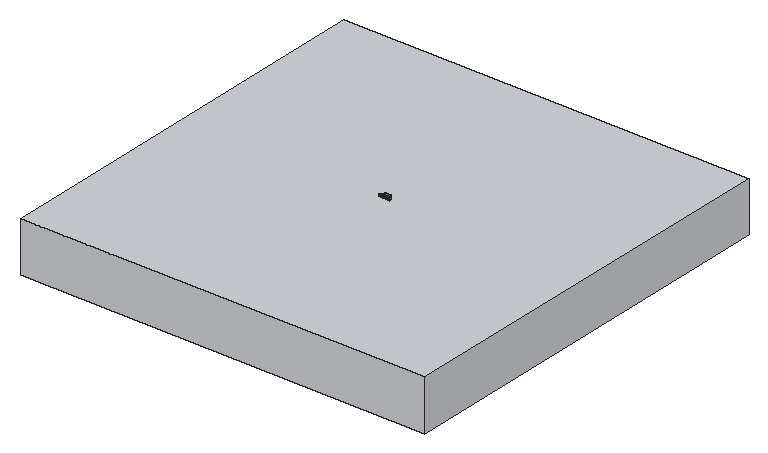
Revit family "2CKA001761A1490", category Elektroinstallationen, Revit 2017
Family settings
  Basisbauteil = Fläche
  Beschriftungsausrichtung beibehalten = Nein
  Bemaßung runder Anschluss = Durchmesser verwenden
  Teiletyp = Normal
  Beim Laden mit Abzugskörper schneiden = Nein
  Gemeinsam genutzt = Nein
  Raumberechnungspunkt = Nein
Parameters
  Default Elevation = 1219.2 mm
  URL = "https://www.busch-jaeger.de/"
  Typname = "Leitungsdurchführung, blaugrün, Aufputz IP 44, Zubehör ocean und Sondergeräte"
  TYPE = "2138 W-53"
  Produktseite = "https://media.live.bim.site/t/eyJhbGciOiJIUzI1NiIsInR5cCI6IkpXVCJ9.eyJjdCI6MiwidHUiOiJodHRwOi8vYnVzY2gtamFlZ2VyLWthdGFsb2cuZGUvMTc2MS0wLTE0OTAsYXJ0aWtlbC5odG1sIiwiY2lkIjoiZmVkOThlOWEtMWJkOC00YzY4LWE3M2ItNzRhOTRlMzE1ODIzIiwicmlkIjoiYmQyNzhiNDFjYzZiMjgyZGNkYzBiYmZiM2U4Njg5OTciLCJwaWQiOiIyMWYwNWQ4YjliOWYyODBjN2RjYzlkYzdkNzE1ZWQyMDRmNzVlZmFmIiwic2lkIjoiNjM3MzIiLCJ1dCI6MSwibGMiOiJkZSIsImlhdCI6MTU4MjE5NTIwNiwiaXNzIjoiaHR0cHM6Ly9hcGkubGl2ZS5iaW0uc2l0ZSIsInN1YiI6ImY1ODZjNGI2LWE1MDgtNDI3YS05ODE4LTEzMTc5NjY1NzZiYyJ9.fJu327-JLRf62UC2eY6_27LUVxxXIjy6NlD0Pq6gqt0"
  Ist Zubehör = no
  Ist System = no
  Hersteller = "Busch-Jaeger"
  HeinzeBIM = "https://www.heinze.de/bim/leitungsdurchfuehrung-blaugruen-aufputz-ip-44-zubehoer-ocean-und-sondergeraete/21f05d8b9b9f280c7dcc9dc7d715ed204f75efaf"
  HAN = "2CKA001761A1490"
  Gewicht [kg/m] = 0.008
  Gerätetiefe [mm] = 24
  Gerätehöhe [mm] = 16
  Gerätebreite [mm] = 67
  GTIN = "4011395993057"
  Farbe = "blaugrün"
  Datenblatt = "https://media.live.bim.site/t/eyJhbGciOiJIUzI1NiIsInR5cCI6IkpXVCJ9.eyJjdCI6MSwidGYiOiJwdWJsaWMvYnVzY2gtamFlZ2VyL2VhZjFmM2IvMkNLQTAwMTc2MUExNDkwX1JPSFNfMjAxOV8xMF8wNy5wZGYiLCJjaWQiOiJmZWQ5OGU5YS0xYmQ4LTRjNjgtYTczYi03NGE5NGUzMTU4MjMiLCJyaWQiOiJiZDI3OGI0MWNjNmIyODJkY2RjMGJiZmIzZTg2ODk5NyIsInBpZCI6IjIxZjA1ZDhiOWI5ZjI4MGM3ZGNjOWRjN2Q3MTVlZDIwNGY3NWVmYWYiLCJzaWQiOiI2MzczMiIsInV0IjoxLCJsYyI6ImRlIiwiaWF0IjoxNTgyMTk1MjA2LCJpc3MiOiJodHRwczovL2FwaS5saXZlLmJpbS5zaXRlIiwic3ViIjoiZjU4NmM0YjYtYTUwOC00MjdhLTk4MTgtMTMxNzk2NjU3NmJjIn0.EPX4gEH48YTe2G46JiLfVibVW5UxfIhi_tMvid3q8fc/2CKA001761A1490_ROHS_2019_10_07.pdf"
  Beschreibung = "Leitungsdurchführung, blaugrün, Aufputz IP 44, Zubehör ocean und Sondergeräte, Leitungsdurchführung Verbindungsstück zum Koppeln mehrerer Geräte Schutzart Gerät: IP 44"
  BIMSITE_PRODUCT_ID = "21f05d8b9b9f280c7dcc9dc7d715ed204f75efaf"
  BIM = "https://media.live.bim.site/t/eyJhbGciOiJIUzI1NiIsInR5cCI6IkpXVCJ9.eyJjdCI6MSwidGYiOiJwdWJsaWMvYnVzY2gtamFlZ2VyL2VhZjFmM2IvMkNLQTAwMTc2MUExNDkwLnJmYSIsImNpZCI6ImZlZDk4ZTlhLTFiZDgtNGM2OC1hNzNiLTc0YTk0ZTMxNTgyMyIsInJpZCI6ImJkMjc4YjQxY2M2YjI4MmRjZGMwYmJmYjNlODY4OTk3IiwicGlkIjoiMjFmMDVkOGI5YjlmMjgwYzdkY2M5ZGM3ZDcxNWVkMjA0Zjc1ZWZhZiIsInNpZCI6IjYzNzMyIiwidXQiOjUsImxjIjoiZGUiLCJpYXQiOjE1ODIxOTUyMDYsImlzcyI6Imh0dHBzOi8vYXBpLmxpdmUuYmltLnNpdGUiLCJzdWIiOiJmNTg2YzRiNi1hNTA4LTQyN2EtOTgxOC0xMzE3OTY2NTc2YmMifQ.1DuEDN5H-UJ05ZtQGClfA_xGBJXM2OjDr3BjCkZamE8/2CKA001761A1490.rfa"
Reference planes
  plane 1 "Center (Front/Back)": y = 0
  plane 2: z = 0
  plane 3 "Center (Left/Right)": x = 0
Forms (mm)
  Extrusion 1, solid
    sketch origin (0, 0, 0) x (1, 0, 0) y (0, 1, 0)
      loop
        line (-1219.2, 1219.2) -> (-1219.2, -1219.2) -> (1219.2, -1219.2) -> (1219.2, 1219.2) -> (-1219.2, 1219.2)
    from 0 to -304.8
  Extrusion 2, solid, material "Blue", detail levels fine
    sketch origin (0, 0, 0) x (1, 0, 0) y (0, 1, 0)
      loop
        line (-33.5, 4) -> (-33.5, 0) -> (33.5, 0) -> (33.5, 4) -> (-33.5, 4)
    from 2 to 7
  Extrusion 3, solid, material "Blue", detail levels fine
    sketch origin (0, 0, 0) x (1, 0, 0) y (0, 1, 0)
      loop
        line (-33.5, 4) -> (-33.5, 0) -> (33.5, 0) -> (33.5, 4) -> (-33.5, 4)
    from 9 to 14
  Extrusion 4, solid, material "Blue", detail levels fine
    sketch origin (0, 0, 0) x (1, 0, 0) y (0, 1, 0)
      loop
        line (-30.381, 2) -> (30.381, 2)
        arc (30.381, 2) -> (0, 28) -> (-30.381, 2) r 30.75
      loop
        line (-11.456, 4) -> (11.456, 4)
        arc (11.456, 4) -> (13.668, 4.973) -> (14.445, 7.261) r 3
        arc (14.445, 7.261) -> (0, 20.5) -> (-14.445, 7.261) r 14.5
        arc (-14.445, 7.261) -> (-13.668, 4.973) -> (-11.456, 4) r 3
    from 4 to 7
  Extrusion 5, solid, material "Blue", detail levels fine
    sketch origin (0, 0, 0) x (1, 0, 0) y (0, 1, 0)
      loop
        line (-30.381, 2) -> (30.381, 2)
        arc (30.381, 2) -> (0, 28) -> (-30.381, 2) r 30.75
      loop
        line (-11.456, 4) -> (11.456, 4)
        arc (11.456, 4) -> (13.668, 4.973) -> (14.445, 7.261) r 3
        arc (14.445, 7.261) -> (0, 20.5) -> (-14.445, 7.261) r 14.5
        arc (-14.445, 7.261) -> (-13.668, 4.973) -> (-11.456, 4) r 3
    from 9 to 12
  Extrusion 6, solid, material "Blue", detail levels fine
    sketch origin (0, 0, 0) x (1, 0, 0) y (0, 1, 0)
      loop
        arc (25.308, 2) -> (0, 23) -> (-25.308, 2) r 25.75
        line (-25.308, 2) -> (25.308, 2)
      loop
        arc (-14.445, 7.261) -> (-13.668, 4.973) -> (-11.456, 4) r 3
        line (-11.456, 4) -> (11.456, 4)
        arc (11.456, 4) -> (13.668, 4.973) -> (14.445, 7.261) r 3
        arc (14.445, 7.261) -> (0, 20.5) -> (-14.445, 7.261) r 14.5
    from 7 to 9
  Extrusion 7, solid, material "Blue", detail levels fine
    sketch origin (0, 0, 0) x (1, 0, 0) y (0, 1, 0)
      loop
        arc (-14.486, 26) -> (-16.494, 25.229) -> (-17.47, 23.314) r 3
        line (-17.47, 23.314) -> (-19.71, 2) -> (19.71, 2) -> (17.47, 23.314)
        arc (17.47, 23.314) -> (16.494, 25.229) -> (14.486, 26) r 3
        line (14.486, 26) -> (-14.486, 26)
      loop
        arc (-14.445, 7.261) -> (-13.668, 4.973) -> (-11.456, 4) r 3
        line (-11.456, 4) -> (11.456, 4)
        arc (11.456, 4) -> (13.668, 4.973) -> (14.445, 7.261) r 3
        arc (14.445, 7.261) -> (0, 20.5) -> (-14.445, 7.261) r 14.5
    from 12 to 16
  Extrusion 8, solid, material "Blue", detail levels fine
    sketch origin (0, 0, 0) x (1, 0, 0) y (0, 1, 0)
      loop
        arc (-14.486, 26) -> (-16.494, 25.229) -> (-17.47, 23.314) r 3
        line (-17.47, 23.314) -> (-19.71, 2) -> (19.71, 2) -> (17.47, 23.314)
        arc (17.47, 23.314) -> (16.494, 25.229) -> (14.486, 26) r 3
        line (14.486, 26) -> (-14.486, 26)
      loop
        arc (-14.445, 7.261) -> (-13.668, 4.973) -> (-11.456, 4) r 3
        line (-11.456, 4) -> (11.456, 4)
        arc (11.456, 4) -> (13.668, 4.973) -> (14.445, 7.261) r 3
        arc (14.445, 7.261) -> (0, 20.5) -> (-14.445, 7.261) r 14.5
    from 0 to 4
  Extrusion 9, solid, material "Blue", detail levels medium
    sketch origin (0, 0, 0) x (1, 0, 0) y (0, 1, 0)
      loop
        arc (30, 4) -> (0, 28) -> (-30, 4) r 30.75
        line (-30, 4) -> (-33.5, 4) -> (-33.5, 0) -> (33.5, 0) -> (33.5, 4) -> (30, 4)
    from 0 to 16
  Extrusion 10, solid, material "Blue", detail levels coarse
    sketch origin (0, 0, 0) x (1, 0, 0) y (0, 1, 0)
      loop
        line (33.5, 0) -> (33.5, 28) -> (-33.5, 28) -> (-33.5, 0) -> (33.5, 0)
    from 0 to 16
Cuts and joins
  joined: Extrusion 2, Extrusion 3, Extrusion 4, Extrusion 5, Extrusion 6, Extrusion 7, Extrusion 8
Lines and regions (mm)
  reference lines
    curve 1: line (0, 28, 0) -> (0, 0, 0)
Dimensions and locks
  aligned and locked: plane 2 to Extrusion 1
  aligned and locked: level to Extrusion 1
